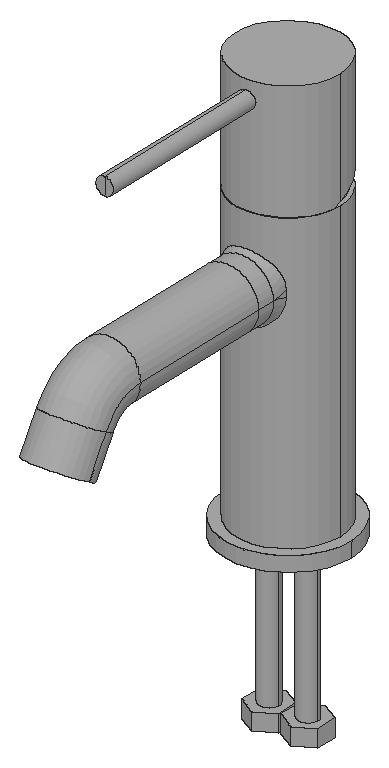
Revit family "Reece_Tap_Milli_Inox_Basin Mixer_115 mm", category Plumbing Fixtures, host Face, Revit 2018
Family settings
  Host = Face
  Round Connector Dimension = Use Diameter
  Part Type = Normal
  Cut with Voids When Loaded = No
  Shared = Yes
  Room Calculation Point = Yes
Parameters (values of type "Brushed Stainless Steel")
  Waste Connection = no
  WFU = 0  # constant formula
  Vent Connection = no
  URL = "https://www.reece.com.au/product/-2252109"
  Type Comments = "Tap"
  Reece_Tap_Inlet = 12 mm  # constant formula
  Reece_Product_Web Page = "https://www.reece.com.au/product/-2252109"
  Reece_Product_Type = "Tap"  # constant formula
  Reece_Product_Sub Brand = "Inox"  # constant formula
  Reece_Product_Number = "2252109"
  Reece_Product_Mount = "Hob Mounted"
  Reece_Product_Description = "Milli Inox Basin Mixer Tap Stainless Steel (5 Star)"
  Reece_Product_Brand = "Milli"  # constant formula
  Reece_Overall_Projection = 151.4 mm  # constant formula
  Reece_Overall_Height = 172 mm  # constant formula
  Reece_Overall_Diameter = 51 mm  # constant formula
  Reece_Material_Secondary = Reece_Brass_Brushed Stainless Steel
  Reece_Material_Main = Reece_Brass_Brushed Stainless Steel
  Reece_Detail_Shape = ""
  Reece_Detail_Disclaimer = "THIS FILE IS THE PROPERTY OF THE REECE GROUP. IT MAY NOT BE REPRODUCED, REVERSE-ENGINEERED OR MODIFIED. ANY REPUBLICATION, TRANSMISSION OR DISTRIBUTION FOR THE PURPOSE OF COMMERCIALLY EXPLOITING THE FILES IS PROHIBITED."  # constant formula
  Reece_Detail_Additional = ""
  Model = "Inox"
  Manufacturer = "Milli"
  Keynote = "Product #2252109, Reece_Tap_Milli_Inox_Basin Mixer_115 mm - Brushed Stainless Steel"
  HWFU = 0  # constant formula
  HW Connection = no
  Disclaimer = "THIS FILE IS THE PROPERTY OF THE REECE GROUP. IT MAY NOT BE REPRODUCED, REVERSE-ENGINEERED OR MODIFIED. ANY REPUBLICATION, TRANSMISSION OR DISTRIBUTION FOR THE PURPOSE OF COMMERCIALLY EXPLOITING THE FILES IS PROHIBITED."  # constant formula
  Description = "Milli Inox Basin Mixer Tap Stainless Steel (5 Star)"
  Default Elevation = 1000 mm
  CWFU = 0  # constant formula
  CW Connection = no
Types (2, lengths in mm): name | Keynote
  (no name) | "Product #2252109, Reece_Tap_Milli_Inox_Basin Mixer_115 mm -  "
  Brushed Stainless Steel | "Product #2252109, Reece_Tap_Milli_Inox_Basin Mixer_115 mm - Brushed Stainless Steel"
Reference planes
  plane 1 "Center (Front/Back)": y = 0
  plane 2 "Bottom": z = 0
  plane 3 "Center (Left/Right)": x = 0
  plane 4: z = 172
  plane 5: z = 97.3
  plane 6: y = -125.9
  plane 7: y = 25.5
  plane 8: x = -25.5
  plane 9: x = 25.5
Forms (mm)
  Extrusion 1, solid, material "Reece_Brass_Brushed Stainless Steel" <- "Reece_Material_Main"
    sketch origin (0, 0, 0) x (1, 0, 0) y (0, 1, 0)
      loop
        circle (0, 0) r 25.5
    from 0 to 6
  Extrusion 2, solid, material "Reece_Brass_Brushed Stainless Steel" <- "Reece_Material_Main"
    sketch origin (0, 0, 0) x (1, 0, 0) y (0, 1, 0)
      loop
        circle (0, 0) r 21
    from 0 to 124.5
  Extrusion 3, solid, material "Reece_Brass_Brushed Stainless Steel" <- "Reece_Material_Main"
    sketch origin (0, 0, 0) x (1, 0, 0) y (0, 1, 0)
      loop
        circle (0, 0) r 21
    from 124.892 to 172
  Revolve 4, solid, material "Reece_Brass_Brushed Stainless Steel" <- "Reece_Material_Main"
    sketch origin (0, 0, 0) x (0, 1, 0) y (0, 0, 1)
      loop
        line (-91.7, 168) -> (-91.7, 164.5) -> (-20.063, 164.5) -> (-20.063, 168) -> (-91.7, 168)
      axis (-91.7, 164.5) -> (-20.063, 164.5)
    angle from 0 to 360
  Extrusion 5, void
    sketch origin (0, 0, 0) x (0, 1, 0) y (0, 0, 1)
      loop
        line (22.279, 136.131) -> (-6.265, 123.422) -> (22.279, 123.422) -> (22.279, 136.131)
    from -27.95 to 27.073
  Sweep 6, solid, material "Reece_Brass_Brushed Stainless Steel" <- "Reece_Material_Main"
    path origin (0, -0.504, 0) x (0, 1, 0) y (0, 0, 1)
      loop
        line (-114.571, 73.011) -> (-106.321, 87.3)
        arc (-106.321, 87.3) -> (-99, 94.621) -> (-89, 97.3) r 20
        line (-89, 97.3) -> (-30.03, 97.3)
    profile origin (0, -99.504, 94.621) x (0, -0.5, 0.866025) y (1, 0, 0)
      loop
        circle (0, 0) r 12.5
  Revolve 7, void
    sketch origin (0, 0, 0) x (0, 1, 0) y (0, 0, 1)
      loop
        line (-124.66, 56.408) -> (-116, 51.408) -> (-105.786, 69.098) -> (-114.447, 74.098) -> (-124.66, 56.408)
      axis (-124.66, 56.408) -> (-114.447, 74.098)
    angle from 0 to 360
  Extrusion 8, void
    sketch origin (0, 0, 0) x (1, 0, 0) y (0, 1, 0)
      loop
        circle (0, 0) r 22.505
    from -19.696 to 0
  Extrusion 9, solid, material "Reece_Brass_Brushed Stainless Steel" <- "Reece_Material_Main"
    sketch origin (0, 0, 0) x (1, 0, 0) y (0, 1, 0)
      loop
        line (-0.312, 4.253) -> (-7.678, 8.505) -> (-15.044, 4.253) -> (-15.044, -4.253) -> (-7.678, -8.505) -> (-0.313, -4.253) -> (-0.312, 4.253)
      loop
        line (15.282, 4.3) -> (7.834, 8.6) -> (0.386, 4.3) -> (0.386, -4.3) -> (7.834, -8.6) -> (15.282, -4.3) -> (15.282, 4.3)
    from -70.183 to -63.177
  Extrusion 10, solid, material "Reece_Brass_Brushed Stainless Steel" <- "Reece_Material_Main"
    sketch origin (0, 0, 0) x (1, 0, 0) y (0, 1, 0)
      loop
        circle (-7.678, 0) r 4
      loop
        circle (7.834, 0) r 4
    from -70.183 to 9.183
  Revolve 11, solid
    sketch origin (0, 0, 0) x (0, 1, 0) y (0, 0, 1)
      loop
        line (0, 124.5) -> (19.358, 124.5)
        arc (19.358, 124.5) -> (14.647, 148.108) -> (0, 167.212) r 53.121
        line (0, 167.212) -> (0, 124.5)
      axis (0, 167.212) -> (0, 124.5)
    angle from 0 to 360
  Sweep 12, solid, material "Reece_Brass_Brushed Stainless Steel" <- "Reece_Material_Main"
    path origin (0, 0.156, 0) x (0, 1, 0) y (0, 0, 1)
      loop
        line (-35, 97.3) -> (-23.308, 97.3)
        arc (-23.308, 97.3) -> (-12.702, 92.907) -> (-8.308, 82.3) r 15
        line (-8.308, 82.3) -> (-8.308, 77.3)
    profile origin (0, -28.998, 97.3) x (0, 0, 1) y (1, 0, 0)
      loop
        line (0, -12.5) -> (0, 12.5)
        arc (0, 12.5) -> (-12.5, 0) -> (0, -12.5) r 12.5
  Sweep 13, solid, material "Reece_Brass_Brushed Stainless Steel" <- "Reece_Material_Main"
    path origin (0, 0.156, 194.6) x (0, 1, 0) y (0, 0, -1)
      loop
        line (-35, 97.3) -> (-23.308, 97.3)
        arc (-23.308, 97.3) -> (-12.702, 92.907) -> (-8.308, 82.3) r 15
        line (-8.308, 82.3) -> (-8.308, 77.3)
    profile origin (0, -28.998, 97.3) x (0, 0, 1) y (1, 0, 0)
      loop
        arc (0, -12.5) -> (12.5, 0) -> (0, 12.5) r 12.5
        line (0, 12.5) -> (0, -12.5)
  Extrusion 14, solid, material "Reece_Brass_Brushed Stainless Steel" <- "Reece_Material_Main"
    sketch origin (0, 0.156, 0) x (0, 1, 0) y (0, 0, 1)
      loop
        arc (-23.308, 97.3) -> (-12.702, 92.907) -> (-8.308, 82.3) r 15
        line (-8.308, 82.3) -> (-8.308, 112.3)
        arc (-8.308, 112.3) -> (-12.702, 101.693) -> (-23.308, 97.3) r 15
    from -12.5 to 12.5
Cuts and joins
  Revolve 7, Extrusion 8 cuts Extrusion 1
  Revolve 7, Extrusion 8 cuts Extrusion 2
  Extrusion 5, Revolve 7, Extrusion 8 cuts Extrusion 3
  Revolve 7, Extrusion 8 cuts Revolve 4
  Revolve 7, Extrusion 8 cuts Sweep 6
  joined: Extrusion 1, Extrusion 2, Extrusion 3, Revolve 4, Sweep 6, Sweep 12, Sweep 13, Extrusion 14
Text (mm)
  text "Reece Copyright © 2018, Reece Ltd." at (-1403.988, -1192.393, 0), in view "Ref. Level"
  text "Reece ©" at (44.384, 258.95, 192.345), in view "Reece Preview"
Dimensions and locks
  "Reece_Overall_Height": plane 4 to plane 2 "Bottom"
  "Reece_Overall_Projection": plane 7 to plane 6
  plane 4 to plane 2 "Bottom" = 172 mm  (x2)
  "Reece_Overall_Diameter": plane 8 to plane 9
  aligned and locked: plane 2 "Bottom" to host face
  aligned and locked: level to host face
Automatic sketch dimensions
  host sketch curve to host sketch curve = 380.785 mm
  host sketch curve to host sketch curve = 317.421 mm
  plane 1 "Center (Front/Back)" to Extrusion 1 sketch curve = 0 mm
  Extrusion 1 sketch curve to plane 3 "Center (Left/Right)" = 0 mm
  plane 1 "Center (Front/Back)" to Extrusion 2 sketch curve = 0 mm
  Extrusion 2 sketch curve to plane 3 "Center (Left/Right)" = 0 mm
  plane 1 "Center (Front/Back)" to Extrusion 3 sketch curve = 0 mm
  Extrusion 3 sketch curve to plane 3 "Center (Left/Right)" = 0 mm
  Revolve 4 sketch curve to plane 4 = 4 mm
  plane 1 "Center (Front/Back)" to Revolve 4 sketch curve = 91.7 mm
  plane 1 "Center (Front/Back)" to Revolve 4 sketch curve = 20.063 mm
  Revolve 4 sketch curve to Revolve 4 sketch curve = 3.5 mm
  Revolve 4 sketch curve to Revolve 4 sketch curve = 0 mm
  Revolve 4 sketch curve to Revolve 4 sketch curve = 8.363 mm
  Revolve 4 sketch curve to plane 4 = 7.5 mm
  plane 1 "Center (Front/Back)" to Extrusion 5 sketch curve = 6.265 mm
  Extrusion 5 sketch curve to plane 1 "Center (Front/Back)" = 22.279 mm
  plane 5 to Extrusion 5 sketch curve = 26.122 mm
  Extrusion 5 sketch curve to Extrusion 5 sketch curve = 12.708 mm
  Sweep 6 sketch curve to plane 5 = 0 mm
  Sweep 6 sketch curve to plane 5 = 10 mm
  plane 1 "Center (Front/Back)" to Sweep 6 sketch curve = 106.825 mm
  Sweep 6 sketch curve to Sweep 6 sketch curve = 17.321 mm
  Sweep 6 sketch curve to plane 5 = 24.289 mm
  Sweep 6 sketch curve to Sweep 6 sketch curve = 8.25 mm
  plane 1 "Center (Front/Back)" to Sweep 6 sketch curve = 30.534 mm
  Sweep 6 sketch curve to plane 3 "Center (Left/Right)" = 0 mm
  Sweep 6 sketch curve to profile plane = 0 mm
  Revolve 7 sketch curve to plane 5 = 40.892 mm
  plane 1 "Center (Front/Back)" to Revolve 7 sketch curve = 124.66 mm
  Revolve 7 sketch curve to plane 5 = 45.892 mm
  Revolve 7 sketch curve to Revolve 7 sketch curve = 8.66 mm
  Revolve 7 sketch curve to plane 5 = 23.202 mm
  Revolve 7 sketch curve to plane 5 = 24.289 mm
  Revolve 7 sketch curve to Revolve 7 sketch curve = 0.628 mm
  Revolve 7 sketch curve to plane 5 = 4.748 mm
  Revolve 7 sketch curve to Revolve 7 sketch curve = 10.654 mm
  plane 1 "Center (Front/Back)" to Extrusion 8 sketch curve = 0 mm
  Extrusion 8 sketch curve to plane 3 "Center (Left/Right)" = 0 mm
  plane 1 "Center (Front/Back)" to Extrusion 9 sketch curve = 4.253 mm  (x2)
  Extrusion 9 sketch curve to plane 3 "Center (Left/Right)" = 15.044 mm
  Extrusion 9 sketch curve to plane 3 "Center (Left/Right)" = 7.678 mm  (x2)
  Extrusion 9 sketch curve to plane 3 "Center (Left/Right)" = 0.313 mm
  plane 3 "Center (Left/Right)" to Extrusion 9 sketch curve = 0.386 mm
  plane 3 "Center (Left/Right)" to Extrusion 9 sketch curve = 7.834 mm  (x2)
  Extrusion 9 sketch curve to plane 1 "Center (Front/Back)" = 4.3 mm
  Extrusion 9 sketch curve to Extrusion 9 sketch curve = 7.448 mm
  plane 1 "Center (Front/Back)" to Extrusion 9 sketch curve = 4.3 mm
  Extrusion 9 sketch curve to Extrusion 9 sketch curve = 0.047 mm  (x2)
  plane 1 "Center (Front/Back)" to Extrusion 9 sketch curve = 8.505 mm
  plane 1 "Center (Front/Back)" to Extrusion 9 sketch curve = 8.6 mm
  Extrusion 9 sketch curve to plane 1 "Center (Front/Back)" = 4.253 mm  (x2)
  Extrusion 9 sketch curve to Extrusion 9 sketch curve = 4.253 mm
  Extrusion 9 sketch curve to Extrusion 9 sketch curve = 4.3 mm
  plane 1 "Center (Front/Back)" to Extrusion 10 sketch curve = 0 mm  (x2)
  Extrusion 10 sketch curve to plane 3 "Center (Left/Right)" = 7.678 mm
  plane 3 "Center (Left/Right)" to Extrusion 10 sketch curve = 7.834 mm
  Revolve 11 sketch curve to plane 1 "Center (Front/Back)" = 0 mm  (x2)
  Revolve 11 sketch curve to plane 4 = 0 mm
  plane 1 "Center (Front/Back)" to Revolve 11 sketch curve = 33.736 mm
  Revolve 11 sketch curve to Revolve 11 sketch curve = 19.358 mm
  Revolve 11 sketch curve to Revolve 11 sketch curve = 4.788 mm
  Revolve 11 sketch curve to Revolve 11 sketch curve = 41.032 mm
  Revolve 11 sketch curve to Revolve 11 sketch curve = 5.476 mm
  Sweep 12 sketch curve to plane 5 = 0 mm
  plane 1 "Center (Front/Back)" to Sweep 12 sketch curve = 23.152 mm
  plane 1 "Center (Front/Back)" to Sweep 12 sketch curve = 8.152 mm
  Sweep 12 sketch curve to Sweep 12 sketch curve = 11.692 mm
  Sweep 12 sketch curve to Sweep 12 sketch curve = 5 mm
  Sweep 12 sketch curve to profile plane = 0 mm
  Sweep 12 sketch curve to plane 3 "Center (Left/Right)" = 0 mm
  Sweep 12 sketch curve to plane 3 "Center (Left/Right)" = 12.5 mm
  Sweep 13 sketch curve to plane 5 = 0 mm
  Sweep 13 sketch curve to plane 1 "Center (Front/Back)" = 23.152 mm
  Sweep 13 sketch curve to plane 1 "Center (Front/Back)" = 8.152 mm
  Sweep 13 sketch curve to Sweep 13 sketch curve = 11.692 mm
  Sweep 13 sketch curve to Sweep 13 sketch curve = 5 mm
  Sweep 13 sketch curve to profile plane = 0 mm
  Sweep 13 sketch curve to plane 3 "Center (Left/Right)" = 0 mm
  Sweep 13 sketch curve to plane 3 "Center (Left/Right)" = 12.5 mm
  Extrusion 14 sketch curve to plane 5 = 0 mm  (x2)
  Extrusion 14 sketch curve to plane 5 = 15 mm
  plane 1 "Center (Front/Back)" to Extrusion 14 sketch curve = 23.152 mm
  Extrusion 14 sketch curve to Extrusion 14 sketch curve = 0 mm  (x2)
  radius of Extrusion 1 sketch curve = 25.5 mm
  radius of Extrusion 2 sketch curve = 21 mm
  radius of Extrusion 3 sketch curve = 21 mm
  radius of Sweep 6 sketch curve = 12.5 mm
  radius of Extrusion 8 sketch curve = 22.505 mm
  radius of Extrusion 10 sketch curve = 4 mm  (x2)
Connectors
  piping at (-7.678, 0, -70.183), diameter 12, driven by "Reece_Tap_Inlet"
    settings: on cut or joined group 1 (Extrusion 1, Extrusion 2, Extrusion 3, Revolve 4, Extrusion 5, Sweep 6, Revolve 7, Extrusion 8, Sweep 12, Sweep 13, Extrusion 14), index 1, connector inside diameter 609.6 mm, connector length 0 mm, flow factor 0, pipe flow 0.0 L/s, pressure drop 0.0 Pa, fitting loss kfactor 0, connector angle 0.00°, fixture units 0, engagement length 0 mm, angle of deflection 0.00°, flow configuration 0, flow direction 1, fitting loss method 0, system type 29, joint type 0, gender type 0, connector reference index -1, connector utility 0, adjustable connector no, is connector primary yes, connector description ""
  piping at (7.834, 0, -70.183), diameter 12, driven by "Reece_Tap_Inlet"
    settings: on cut or joined group 1, index 2, connector inside diameter 609.6 mm, connector length 0 mm, flow factor 0, pipe flow 0.0 L/s, pressure drop 0.0 Pa, fitting loss kfactor 0, connector angle 0.00°, fixture units 0, engagement length 0 mm, angle of deflection 0.00°, flow configuration 0, flow direction 1, fitting loss method 0, system type 29, joint type 0, gender type 0, connector reference index -1, connector utility 0, adjustable connector no, is connector primary no, connector description ""
